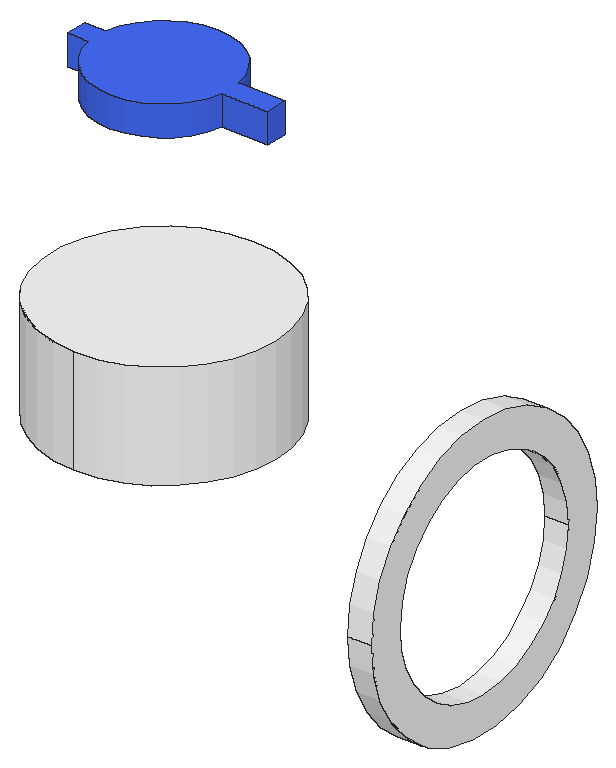
Revit family "Registro De Incorporación De 12' Dzr X Pe 20 Mm", category Pipe Accessories, Revit 2020
Family settings
  Round Connector Dimension = Use Diameter
  Part Type = Breaks Into
  Work Plane-Based = No
  Always vertical = Yes
  Cut with Voids When Loaded = No
  Shared = No
Parameters (values of type "Registro De Incorporacion De 1-2 Dzr X Pe 20 Mm")
  URL = "https://pcpplasticos.co/wp-content/uploads/2018/05/ARTE-CATALOGO-COLOMBIA-ED-No-5-CV.pdf"
  Type Comments = "Registro De Incorporacion De 1-2 Dzr X Pe 20 Mm"
  SKU = "3149"
  Model = "3149"
  Manufacturer = "PCP PLASTICOS"
  Imagen = "https://pcpplasticos.co/wp-content/uploads/2018/05/ARTE-CATALOGO-COLOMBIA-ED-No-5-CV.pdf"
  Email = "servicioalcliente@PCPplasticos.com"
  Default Elevation = 0 mm
Reference planes
  plane 1 "Center (Front/Back)": y = 0
  plane 2: z = 0
  plane 3 "Center (Left/Right)": x = 0
Forms (mm)
  Extrusion 1, solid, material "255_255_255"
    sketch origin (45.476, 0, -0.708) x (0, -1, 0) y (0, 0, -1)
      loop
        circle (0, -0.708) r 20
      loop
        circle (0, -0.708) r 15
    from 1.699 to 5.056
  Extrusion 2, solid, material "255_255_255"
    sketch origin (0, 0, 0) x (0, -1, 0) y (1, 0, 0)
      loop
        circle (0, 5.031) r 16.005
    from 4.622 to 19.673
  Extrusion 3, solid, material "0_54_255"
    sketch origin (0, 0, 0) x (1, 0, 0) y (0, 1, 0)
      loop
        line (14.44, -1.49) -> (20.967, -1.49)
        arc (20.967, -1.49) -> (21.036, 0) -> (20.967, 1.49) r 16.005
        line (20.967, 1.49) -> (14.44, 1.49)
        arc (14.44, 1.49) -> (5.031, 9.526) -> (-4.377, 1.49) r 9.526
        line (-4.377, 1.49) -> (-7.39, 1.49) -> (-7.39, -1.49) -> (-4.377, -1.49)
        arc (-4.377, -1.49) -> (5.031, -9.526) -> (14.44, -1.49) r 9.526
    from 45.24 to 49.5
Dimensions and locks
  aligned and locked: level to plane 2
Connectors
  piping at (54.969, 0, 0), diameter 12.7
    settings: on import instance, index 1, connector inside diameter 609.6 mm, connector length 0 mm, flow factor 0, pipe flow 0.0 L/s, pressure drop 0.0 Pa, fitting loss kfactor 0, connector angle 0.00°, fixture units 0, engagement length 0 mm, angle of deflection 0.00°, flow configuration 0, flow direction 0, fitting loss method 0, system type 7, joint type 0, gender type 0, connector reference index -1, connector utility 0, adjustable connector no, is connector primary yes, connector description ""
  piping at (-54.969, 0, 0), diameter 12.7
    settings: on import instance, index 2, connector inside diameter 609.6 mm, connector length 0 mm, flow factor 0, pipe flow 0.0 L/s, pressure drop 0.0 Pa, fitting loss kfactor 0, connector angle 0.00°, fixture units 0, engagement length 0 mm, angle of deflection 0.00°, flow configuration 0, flow direction 0, fitting loss method 0, system type 7, joint type 0, gender type 0, connector reference index -1, connector utility 0, adjustable connector no, is connector primary no, connector description ""
